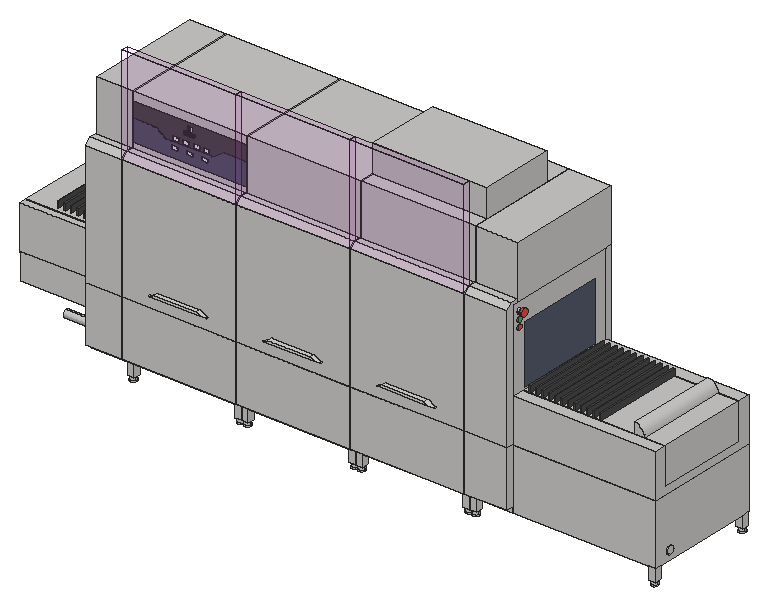
Revit family "QF_ELECTROLUXPROFESSIONAL_520707_EFTD052EL1U2D1M5L385", category Attrezzature speciali, Revit 2020
Family settings
  Quota connettore circolare = Usa diametro
  Tipo di parte = Normale
  Basato su piano di lavoro = No
  Sempre verticale = Sì
  Taglio con vuoti quando caricato = No
  Condiviso = No
  Punto di calcolo locali = No
Parameters (values of type "Standard")
  Weight = 890.00 kg
  Watts = 46500 W
  Volts = 380 V
  URL Manufacturer = "https://www.electroluxprofessional.com/"
  URL = "https://www.electroluxprofessional.com/"
  Steam Supply Size = 0 mm
  Steam Supply Minimum Pressure = 0.0 Pa
  Steam Supply Maximum Pressure = 0.0 Pa
  Steam Consumption per Hour = 0
  Show Logo [instance] = yes
  Show Clearance [instance] = yes
  Refrigeration Suction Line Size = 0 mm
  Refrigeration Liquid Line Size = 0 mm
  Refrigerant Compressor Remote = yes
  Prospetto di default = 0 mm
  Produttore = "Electrolux Professional"
  Phase = 3
  Modello = "EFTD052EL1U2D1M5L385"
  Length Actual = 4450 mm  # constant formula
  Item Number = "520707"
  Hot Water Size = 0 mm
  Height Actual = 1983 mm  # constant formula
  HP = "62.4 HP"
  Gas Size = 0 mm
  Gas KW = 0
  Gas Input Pressure = 0 W
  Direct Waste Size = 50.8 mm
  Descrizione = "FT, 1Tank, 5200D/H, El., 750mm loading, 1300mm unloading, 1Dryer, 55mm conveyor,L>R,380V50Hz3P"
  Depth Actual = 946 mm  # constant formula
  Cycle = 50 Hz
  Condensate Return Size = 0 mm
  Compressed Air Volume = 0.0 L/s
  Compressed Air Size = 0 mm
  Compressed Air Pressure = 0.0 Pa
  Cold Water Size = 0 mm
  Accessory = yes
Reference planes
  plane 1 "Centro (Fronte/Retro)": y = 0
  plane 2: z = 0
  plane 3 "Centro (Sinistra/Destra)": x = 0
  plane 4: z = 115
Forms (mm)
  Extrusion 1, solid, material "QF_Finishes_Stainless Steel"
    sketch origin (432.404, 2, 1806.023) x (1, 0, 0) y (0, 0, 1)
      loop
        line (407.596, -163.023) -> (407.596, -183.023) -> (427.596, -183.023) -> (427.596, -163.023) -> (407.596, -163.023)
    from 0 to 2
  Extrusion 2, solid, material "QF_Finishes_Stainless Steel"
    sketch origin (4455.617, -1522.464, 1290.159) x (0, 0, -1) y (0, -1, 0)
      loop
        circle (1102.159, -772.464) r 25
    from -9.383 to 5.617
  Extrusion 3, solid, material "QF_Finishes_Stainless Steel"
    sketch origin (1092.404, 2, 337.984) x (1, 0, 0) y (0, 0, 1)
      loop
        line (407.596, -163.023) -> (407.596, -183.023) -> (427.596, -183.023) -> (427.596, -163.023) -> (407.596, -163.023)
    from 0 to 2
  Extrusion 4, solid, material "QF_Finishes_Stainless Steel"
    sketch origin (1526.841, 200.464, 109.383) x (1, 0, 0) y (0, 1, 0)
      loop
        circle (1102.159, -772.464) r 10
    from -9.383 to 5.617
  Extrusion 5, solid, material "QF_Finishes_Stainless Steel"
    sketch origin (244.383, 22.464, 1290.159) x (0, 0, -1) y (0, 1, 0)
      loop
        circle (1102.159, -772.464) r 25
    from -9.383 to 255.617
  Extrusion 6, solid, material "QF_Finishes_Stainless Steel"
    sketch origin (1597.841, 200.464, 109.383) x (1, 0, 0) y (0, 1, 0)
      loop
        circle (1102.159, -772.464) r 10
    from -9.383 to 5.617
Dimensions and locks
  plane 4 to level = 115 mm
  aligned and locked: level to plane 2
Nested families
  nested 1: "MODULO_CENTER_800_FAN" at (2733.563, -388.258, 0), Show Clearance <- "Show Clearance", type "MODULO_CENTER_800_FAN"
    with Show Logo yes, Show Clearance yes, R_L no, L_R yes
  nested 2: "MODULO_CENTER_800" at (1133.563, -388.258, 0), Show Clearance <- "Show Clearance", type "MODULO_CENTER_800"
    with Show Logo yes, Show Clearance yes, R_L no, L_R yes
  nested 3: "MODULO_ENTRY_DISH_750" at (358.563, -388.258, 0), type "MODULO_ENTRY_DISH_750"
    with Show Logo yes, Show Clearance yes, R_L no, L_R yes
  nested 4: "MODULO_USCITA_DISH_1300" at (3508.563, -388.258, 0), type "MODULO_USCITA_DISH_1300"
    with Show Logo yes, Show Clearance yes, R_L yes, L_R no
  nested 5: "Piedino_Square_115H" at (4426.5, -73.5, 0) x (-1, 0, 0) z (0, 0, 1), type "Piedino_Square_115H"
  nested 6: "Piedino_Square_115H" at (4426.5, -838.5, 0) x (-1, 0, 0) z (0, 0, 1), type "Piedino_Square_115H"
  nested 7: "Piedino_Square_115H" at (3173.5, -73.5, 0) x (-1, 0, 0) z (0, 0, 1), type "Piedino_Square_115H"
  nested 8: "Piedino_Square_115H" at (3173.5, -838.5, 0) x (-1, 0, 0) z (0, 0, 1), type "Piedino_Square_115H"
  nested 9: "Piedino_Square_115H" at (1573.5, -838.5, 0), type "Piedino_Square_115H"
  nested 10: "Piedino_Square_115H" at (1573.5, -73.5, 0), type "Piedino_Square_115H"
  nested 11: "Piedino_Square_115H" at (2326.5, -838.5, 0), type "Piedino_Square_115H"
  nested 12: "Piedino_Square_115H" at (2326.5, -73.5, 0), type "Piedino_Square_115H"
  nested 13: "Piedino_Square_115H" at (2373.5, -838.5, 0) x (-1, 0, 0) z (0, 0, 1), type "Piedino_Square_115H"
  nested 14: "Piedino_Square_115H" at (2373.5, -73.5, 0) x (-1, 0, 0) z (0, 0, 1), type "Piedino_Square_115H"
  nested 15: "Piedino_Square_115H" at (3126.5, -838.5, 0) x (-1, 0, 0) z (0, 0, 1), type "Piedino_Square_115H"
  nested 16: "Piedino_Square_115H" at (3126.5, -73.5, 0) x (-1, 0, 0) z (0, 0, 1), type "Piedino_Square_115H"
  nested 17: "Piedino_Square_115H" at (773.5, -838.5, 0), type "Piedino_Square_115H"
  nested 18: "Piedino_Square_115H" at (773.5, -73.5, 0), type "Piedino_Square_115H"
  nested 19: "Piedino_Square_115H" at (1526.5, -838.5, 0), type "Piedino_Square_115H"
  nested 20: "Piedino_Square_115H" at (1526.5, -73.5, 0), type "Piedino_Square_115H"
  nested 21: "MANIGLIA_FLIGHT_400" at (1150, -912, 639.28) x (1, 0, 0) z (0, -1, 0), type "MANIGLIA_FLIGHT_400"
  nested 22: "MANIGLIA_FLIGHT_400" at (2750, -912, 639.28) x (1, 0, 0) z (0, -1, 0), type "MANIGLIA_FLIGHT_400"
  nested 23: "MANIGLIA_FLIGHT_400" at (1950, -912, 639.28) x (1, 0, 0) z (0, -1, 0), type "MANIGLIA_FLIGHT_400"
  nested 24: "MODULO_CENTER_800" at (1966.437, -388.258, 0) x (-1, 0, 0) z (0, 0, 1), Show Clearance <- "Show Clearance", type "MODULO_CENTER_800"
    with Show Logo yes, Show Clearance yes, R_L no, L_R yes
  nested 25: "Schermo_Flight_800" at (1150, -815, 1583) x (1, 0, 0) z (0, -1, 0), type "Schermo_Flight_800"
  nested 26: "ELX_LOGO_WORDS_WHITE" at (1150, -816.6, 1663) x (1, 0, 0) z (0, -1, 0), Show Logo <- "Show Logo", visible <- "Show Logo", type "ELX_LOGO_WORDS_WHITE"
    with Show Logo yes
  nested 27: "ELX_LOGO_MONO_SMALL_WHITE" at (1140.08, -816.6, 1649) x (-1, 0, 0) z (0, -1, 0), Show Logo <- "Show Logo", visible <- "Show Logo", type "ELX_LOGO_MONO_SMALL_WHITE"
    with Show Logo yes
Connectors
  electrical at (850, 2, 1633)
    settings: on Extrusion 1, index 69, voltage 0 V, apparent load 0 VA, apparent load phase1 0 VA, apparent load phase2 0 VA, apparent load phase3 0 VA, power factor 1, load classification "Altro", number of poles 1, system type 30, power factor state 1, is connector primary yes, connector utility no, sub classification motor no, connector description "EI"
  piping at (4465, -750, 188), diameter 50
    settings: on Extrusion 2, index 70, connector inside diameter 609.6 mm, connector length 0 mm, flow factor 0, pipe flow 0.0 L/s, pressure drop 0.0 Pa, fitting loss kfactor 0, connector angle 0.00°, fixture units 0, engagement length 0 mm, angle of deflection 0.00°, flow configuration 0, flow direction 0, fitting loss method 0, system type 29, joint type 0, gender type 0, connector reference index -1, connector utility 0, adjustable connector no, is connector primary yes, connector description "D"
  electrical at (1510, 2, 164.961)
    settings: on Extrusion 3, index 71, voltage 0 V, apparent load 0 VA, apparent load phase1 0 VA, apparent load phase2 0 VA, apparent load phase3 0 VA, power factor 1, load classification "Altro", number of poles 1, system type 30, power factor state 1, is connector primary no, connector utility no, sub classification motor no, connector description "EQ"
  piping at (2629, -572, 100), diameter 19.1
    settings: on Extrusion 4, index 72, connector inside diameter 609.6 mm, connector length 0 mm, flow factor 0, pipe flow 0.0 L/s, pressure drop 0.0 Pa, fitting loss kfactor 0, connector angle 0.00°, fixture units 0, engagement length 0 mm, angle of deflection 0.00°, flow configuration 0, flow direction 0, fitting loss method 0, system type 29, joint type 0, gender type 0, connector reference index -1, connector utility 0, adjustable connector no, is connector primary no, connector description "HWI/CWI"
  piping at (235, -750, 188), diameter 50
    settings: on Extrusion 5, index 73, connector inside diameter 609.6 mm, connector length 0 mm, flow factor 0, pipe flow 0.0 L/s, pressure drop 0.0 Pa, fitting loss kfactor 0, connector angle 0.00°, fixture units 0, engagement length 0 mm, angle of deflection 0.00°, flow configuration 0, flow direction 0, fitting loss method 0, system type 29, joint type 0, gender type 0, connector reference index -1, connector utility 0, adjustable connector no, is connector primary no, connector description "D"
  piping at (2700, -572, 100), diameter 19.1
    settings: on Extrusion 6, index 74, connector inside diameter 609.6 mm, connector length 0 mm, flow factor 0, pipe flow 0.0 L/s, pressure drop 0.0 Pa, fitting loss kfactor 0, connector angle 0.00°, fixture units 0, engagement length 0 mm, angle of deflection 0.00°, flow configuration 0, flow direction 0, fitting loss method 0, system type 29, joint type 0, gender type 0, connector reference index -1, connector utility 0, adjustable connector no, is connector primary no, connector description "HWI/CWI"
Definition of nested family "MODULO_CENTER_800_FAN"
  Parameters (values of type "MODULO_CENTER_800_FAN")
    URL = "http://professional.electrolux.com"
    Show Logo [instance] = yes
    R_L [instance] = not(L_R)  # no
    Default Elevation = 0 mm
    Manufacturer = "Electrolux"
    Model = "ESR10E5"
    Length Actual = 800 mm
    Show Clearance [instance] = yes
    L_R [instance] = yes
    Height Actual = 1792 mm
    Description = "SINGLE RINSE RT, 100R/H, ELECTRIC 50HZ"
    Depth Actual = 912 mm
  Reference planes
    plane 1 "Center X": y = -67.742
    plane 2: z = 0
    plane 3 "LEFT": x = -383.563
    plane 4 "RIGHT": x = 416.437
    plane 5 "BACK": y = 388.258
    plane 6 "FEET": z = 115
    plane 7: z = 2092
    plane 8 "TOP": z = 1792
    plane 9 "FRONT": y = -523.742
    plane 10 "Left/Right": x = 16.437
    plane 11 "TopVent": z = 1983
  Forms (mm)
    Extrusion 1, solid
      sketch origin (416.437, 479.936, 4000) x (0, 1, 0) y (0, 0, 1)
        loop
          line (-91.678, -2208) -> (-906.678, -2208) -> (-906.678, -2580) -> (-91.678, -2580) -> (-91.678, -2208)
      from -800 to 0
    Extrusion 2, solid
      sketch origin (-383.563, 437.565, 3910) x (0, 1, 0) y (0, 0, 1)
        loop
          line (-99.307, -2490) -> (-911.307, -2490) -> (-911.307, -3552) -> (-99.307, -3552) -> (-99.307, -2490)
      from 800 to 0
    Extrusion 3, solid
      sketch origin (416.437, 479.936, 4299) x (0, 1, 0) y (0, 0, 1)
        loop
          line (-278.21, -2316) -> (-803.678, -2316) -> (-803.678, -2507) -> (-278.21, -2507) -> (-278.21, -2316)
      from -800 to 0
    Extrusion 4, solid
      sketch origin (16.437, 0, 1.5) x (0, 0, 1) y (0, -1, 0)
        loop
          line (356.5, -338.258) -> (356.5, 473.742) -> (113.5, 473.742) -> (113.5, -338.258) -> (356.5, -338.258)
      from 400 to -400
    Extrusion 5, solid
      sketch origin (16.437, 0, 0) x (0, 0, 1) y (0, -1, 0)
        loop
          line (1420, -338.258) -> (545, -338.258) -> (545, -388.258) -> (1420, -388.258) -> (1420, -338.258)
      from -400 to 400
    Extrusion 6, solid
      sketch origin (16.437, 0, 0) x (0, 0, 1) y (0, -1, 0)
        loop
          line (545, -388.258) -> (545, -338.258) -> (154, -338.258) -> (154, -388.258) -> (545, -388.258)
      from -400 to 400
    Extrusion 7, solid
      sketch origin (16.437, -882.484, -150) x (0, -1, 0) y (0, 0, 1)
        loop
          line (-358.742, 304) -> (-358.742, 695) -> (-408.742, 695) -> (-408.742, 304) -> (-358.742, 304)
      from -400 to 400
    Extrusion 8, solid
      sketch origin (16.437, -882.484, -151) x (0, -1, 0) y (0, 0, 1)
        loop
          line (-408.742, 1571) -> (-408.742, 696) -> (-358.742, 696) -> (-358.742, 1556) -> (-395.742, 1593) -> (-443.742, 1593) -> (-443.742, 1571) -> (-408.742, 1571)
      from -400 to 400
    Extrusion 9, solid, visible <- "Show Clearance"
      sketch origin (16.437, -882.484, 452) x (0, -1, 0) y (0, 0, 1)
        loop
          line (-408.742, 1640) -> (-408.742, 953.624) -> (-358.742, 953.624) -> (-358.742, 1640) -> (-408.742, 1640)
      from -400 to 400
  Dimensions and locks
    plane 3 "LEFT" to plane 4 "RIGHT" = 800 mm
    plane 5 "BACK" to plane 1 "Center X" to plane 9 "FRONT" = 456 mm, 456 mm
    plane 6 "FEET" to level = 115 mm  (x2)
    plane 6 "FEET" to plane 8 "TOP" = 1677 mm
    plane 5 "BACK" to plane 9 "FRONT" = 912 mm  (x2)
    plane 4 "RIGHT" to plane 3 "LEFT" = 800 mm
    plane 9 "FRONT" to plane 5 "BACK" = 912 mm
    level to plane 8 "TOP" = 1792 mm  (x2)
    plane 7 to level = 2092 mm
    plane 11 "TopVent" to plane 2 = 1983 mm
    plane 7 to plane 2 = 2092 mm
    Extrusion 2 to level = 1420 mm
    Extrusion 8 to level = 1442 mm
    plane 11 "TopVent" to level = 1983 mm
    aligned and locked: level to plane 2
Definition of nested family "MODULO_CENTER_800"
  Parameters (values of type "MODULO_CENTER_800")
    URL = "http://professional.electrolux.com"
    Show Logo [instance] = yes
    R_L [instance] = not(L_R)  # no
    Default Elevation = 0 mm
    Manufacturer = "Electrolux"
    Model = "ESR10E5"
    Length Actual = 800 mm
    Show Clearance [instance] = yes
    L_R [instance] = yes
    Height Actual = 1792 mm
    Description = "SINGLE RINSE RT, 100R/H, ELECTRIC 50HZ"
    Depth Actual = 912 mm
  Reference planes
    plane 1 "Center X": y = -67.742
    plane 2: z = 0
    plane 3 "LEFT": x = -383.563
    plane 4 "RIGHT": x = 416.437
    plane 5 "BACK": y = 388.258
    plane 6 "FEET": z = 115
    plane 7: z = 2092
    plane 8 "TOP": z = 1792
    plane 9 "FRONT": y = -523.742
    plane 10 "Left/Right": x = 16.437
  Forms (mm)
    Extrusion 1, solid
      sketch origin (416.437, 479.936, 4000) x (0, 1, 0) y (0, 0, 1)
        loop
          line (-91.678, -2208) -> (-906.678, -2208) -> (-906.678, -2580) -> (-91.678, -2580) -> (-91.678, -2208)
      from -800 to 0
    Extrusion 2, solid
      sketch origin (-383.563, 437.565, 3915) x (0, 1, 0) y (0, 0, 1)
        loop
          line (-99.307, -2495) -> (-911.307, -2495) -> (-911.307, -3557) -> (-99.307, -3557) -> (-99.307, -2495)
      from 800 to 0
    Extrusion 3, solid
      sketch origin (16.437, 0, 1.5) x (0, 0, 1) y (0, -1, 0)
        loop
          line (356.5, -338.258) -> (356.5, 473.742) -> (113.5, 473.742) -> (113.5, -338.258) -> (356.5, -338.258)
      from 400 to -400
    Extrusion 4, solid
      sketch origin (16.437, 0, 0) x (0, 0, 1) y (0, -1, 0)
        loop
          line (1420, -338.258) -> (545, -338.258) -> (545, -388.258) -> (1420, -388.258) -> (1420, -338.258)
      from -400 to 400
    Extrusion 5, solid
      sketch origin (16.437, 0, 0) x (0, 0, 1) y (0, -1, 0)
        loop
          line (545, -388.258) -> (545, -338.258) -> (154, -338.258) -> (154, -388.258) -> (545, -388.258)
      from -400 to 400
    Extrusion 6, solid
      sketch origin (16.437, -882.484, -150) x (0, -1, 0) y (0, 0, 1)
        loop
          line (-358.742, 304) -> (-358.742, 695) -> (-408.742, 695) -> (-408.742, 304) -> (-358.742, 304)
      from -400 to 400
    Extrusion 7, solid
      sketch origin (16.437, -882.484, -151) x (0, -1, 0) y (0, 0, 1)
        loop
          line (-408.742, 1571) -> (-408.742, 696) -> (-358.742, 696) -> (-358.742, 1556) -> (-395.742, 1593) -> (-443.742, 1593) -> (-443.742, 1571) -> (-408.742, 1571)
      from -400 to 400
    Extrusion 8, solid, visible <- "Show Clearance"
      sketch origin (16.437, -882.484, 452) x (0, -1, 0) y (0, 0, 1)
        loop
          line (-408.742, 1640) -> (-408.742, 953.624) -> (-358.742, 953.624) -> (-358.742, 1640) -> (-408.742, 1640)
      from -400 to 400
  Dimensions and locks
    plane 3 "LEFT" to plane 4 "RIGHT" = 800 mm
    plane 5 "BACK" to plane 1 "Center X" to plane 9 "FRONT" = 456 mm, 456 mm
    plane 6 "FEET" to level = 115 mm  (x2)
    plane 6 "FEET" to plane 8 "TOP" = 1677 mm
    plane 5 "BACK" to plane 9 "FRONT" = 912 mm  (x2)
    plane 4 "RIGHT" to plane 3 "LEFT" = 800 mm
    plane 9 "FRONT" to plane 5 "BACK" = 912 mm
    level to plane 8 "TOP" = 1792 mm  (x2)
    plane 7 to level = 2092 mm
    plane 7 to plane 2 = 2092 mm
    Extrusion 2 to level = 1420 mm
    Extrusion 7 to level = 1442 mm
    aligned and locked: level to plane 2
Definition of nested family "MODULO_ENTRY_DISH_750"
  Parameters (values of type "MODULO_ENTRY_DISH_750")
    URL = "http://professional.electrolux.com"
    Show Logo [instance] = yes
    R_L [instance] = not(L_R)  # no
    Default Elevation = 0 mm
    Manufacturer = "Electrolux"
    Model = "ESR10E5"
    Length Actual = 800 mm
    Show Clearance [instance] = yes
    L_R [instance] = yes
    Height Actual = 1792 mm
    Description = "SINGLE RINSE RT, 100R/H, ELECTRIC 50HZ"
    Depth Actual = 912 mm
  Reference planes
    plane 1 "Center (Front/Back)": y = -67.742
    plane 2: z = 0
    plane 3 "LEFT": x = -358.563
    plane 4 "RIGHT": x = 391.437
    plane 5 "BACK": y = 388.258
    plane 6 "FRONT": y = -523.742
    plane 7 "Left/Right": x = 16.437
    plane 8 "BUTTONS": y = -427.742
    plane 9: z = 115
    plane 10 "2": y = 292.258
  Forms (mm)
    Extrusion 1, solid, visible <- "L_R"
      sketch origin (391.437, 479.936, 4000) x (0, 1, 0) y (0, 0, 1)
        loop
          line (-91.678, -2208) -> (-906.678, -2208) -> (-906.678, -2580) -> (-91.678, -2580) -> (-91.678, -2208)
      from -250 to 0
    Extrusion 2, solid
      sketch origin (-358.563, 437.565, 3910) x (0, 1, 0) y (0, 0, 1)
        loop
          line (-99.307, -2490) -> (-911.307, -2490) -> (-911.307, -3552) -> (-99.307, -3552) -> (-99.307, -2490)
      from 750 to 500
    Extrusion 3, solid
      sketch origin (-358.563, 437.565, 3910) x (0, 1, 0) y (0, 0, 1)
        loop
          line (-99.307, -3365) -> (-99.307, -3060) -> (-149.307, -3060) -> (-149.307, -3315) -> (-861.307, -3315) -> (-861.307, -3060) -> (-911.307, -3060) -> (-911.307, -3365) -> (-99.307, -3365)
      from 500 to 0
    Extrusion 4, solid
      sketch origin (16.437, 0, -4.987) x (0, 0, 1) y (0, -1, 0)
        loop
          line (362.987, -338.258) -> (362.987, 473.742) -> (119.987, 473.742) -> (119.987, -338.258) -> (362.987, -338.258)
      from 375 to 125
    Extrusion 5, solid, visible <- "L_R"
      sketch origin (16.437, 0, 0) x (0, 0, 1) y (0, -1, 0)
        loop
          line (1420, -338.258) -> (545, -338.258) -> (545, -388.258) -> (1420, -388.258) -> (1420, -338.258)
      from 125 to 375
    Extrusion 6, solid
      sketch origin (16.437, 0, 0) x (0, 0, 1) y (0, -1, 0)
        loop
          line (545, -388.258) -> (545, -338.258) -> (154, -338.258) -> (154, -388.258) -> (545, -388.258)
      from 125 to 375
    Extrusion 7, solid
      sketch origin (-358.563, 437.565, 3607.258) x (0, 1, 0) y (0, 0, 1)
        loop
          line (-99.307, -3249.258) -> (-99.307, -3062.258) -> (-911.307, -3062.258) -> (-911.307, -3249.258) -> (-99.307, -3249.258)
      from 500 to 0
    Extrusion 8, solid
      sketch origin (-358.563, 437.565, 4000) x (0, 1, 0) y (0, 0, 1)
        loop
          line (-149.307, -3150) -> (-861.307, -3150) -> (-861.307, -3405) -> (-149.307, -3405) -> (-149.307, -3150)
      from 0 to 500
    Extrusion 9, solid
      sketch origin (266.437, -882.484, -150) x (0, -1, 0) y (0, 0, 1)
        loop
          line (-358.742, 304) -> (-358.742, 695) -> (-408.742, 695) -> (-408.742, 304) -> (-358.742, 304)
      from -125 to 125
    Extrusion 10, solid, visible <- "L_R"
      sketch origin (266.437, -882.484, -151) x (0, -1, 0) y (0, 0, 1)
        loop
          line (-408.742, 1571) -> (-408.742, 696) -> (-358.742, 696) -> (-358.742, 1556) -> (-395.742, 1593) -> (-443.742, 1593) -> (-443.742, 1571) -> (-408.742, 1571)
      from -125 to 125
    Extrusion 11, solid
      sketch origin (-358.563, 437.565, 4000) x (0, 1, 0) y (0, 0, 1)
        loop
          line (-199.307, -2725.701) -> (-811.307, -2725.701) -> (-811.307, -3137.701) -> (-199.307, -3137.701) -> (-199.307, -2725.701)
      from 495.458 to 500
    Extrusion 12, solid, visible <- "R_L"
      sketch origin (266.437, 747, -151) x (0, 1, 0) y (0, 0, -1)
        loop
          line (-408.742, -1571) -> (-443.742, -1571) -> (-443.742, -1593) -> (-395.742, -1593) -> (-358.742, -1556) -> (-358.742, -696) -> (-408.742, -696) -> (-408.742, -1571)
      from -125 to 125
    Extrusion 13, solid, visible <- "R_L"
      sketch origin (16.437, -135.484, 0) x (0, 0, 1) y (0, -1, 0)
        loop
          line (1420, 338.258) -> (1420, 388.258) -> (545, 388.258) -> (545, 338.258) -> (1420, 338.258)
      from 125 to 375
    Extrusion 14, solid, visible <- "R_L"
      sketch origin (391.437, -615.42, 4000) x (0, -1, 0) y (0, 0, -1)
        loop
          line (-91.678, 2208) -> (-91.678, 2580) -> (-906.678, 2580) -> (-906.678, 2208) -> (-91.678, 2208)
      from -250 to 0
    Extrusion 15, solid
      sketch origin (-191.477, -192.742, -3) x (-1, 0, 0) y (0, 0, 1)
        loop
          line (-26.676, 853) -> (-26.676, 898) -> (-36.676, 898) -> (-36.676, 853) -> (-26.676, 853)
      from -196 to 446
    Extrusion 16, solid
      sketch origin (-146.477, -192.742, -3) x (-1, 0, 0) y (0, 0, 1)
        loop
          line (-26.676, 853) -> (-26.676, 898) -> (-36.676, 898) -> (-36.676, 853) -> (-26.676, 853)
      from -196 to 446
    Extrusion 17, solid
      sketch origin (-101.477, -192.742, -3) x (-1, 0, 0) y (0, 0, 1)
        loop
          line (-26.676, 853) -> (-26.676, 898) -> (-36.676, 898) -> (-36.676, 853) -> (-26.676, 853)
      from -196 to 446
    Extrusion 18, solid
      sketch origin (-56.477, -192.742, -3) x (-1, 0, 0) y (0, 0, 1)
        loop
          line (-26.676, 853) -> (-26.676, 898) -> (-36.676, 898) -> (-36.676, 853) -> (-26.676, 853)
      from -196 to 446
    Extrusion 19, solid
      sketch origin (-11.477, -192.742, -3) x (-1, 0, 0) y (0, 0, 1)
        loop
          line (-26.676, 853) -> (-26.676, 898) -> (-36.676, 898) -> (-36.676, 853) -> (-26.676, 853)
      from -196 to 446
    Extrusion 20, solid
      sketch origin (33.523, -192.742, -3) x (-1, 0, 0) y (0, 0, 1)
        loop
          line (-26.676, 853) -> (-26.676, 898) -> (-36.676, 898) -> (-36.676, 853) -> (-26.676, 853)
      from -196 to 446
  Dimensions and locks
    plane 3 "LEFT" to plane 4 "RIGHT" = 750 mm
    plane 5 "BACK" to plane 1 "Center (Front/Back)" to plane 6 "FRONT" = 456 mm, 456 mm
    plane 5 "BACK" to plane 6 "FRONT" = 912 mm  (x2)
    plane 4 "RIGHT" to plane 3 "LEFT" = 750 mm  (x2)
    plane 6 "FRONT" to plane 5 "BACK" = 912 mm
    plane 9 to level = 115 mm
    Extrusion 1 to level = 1792 mm
    Extrusion 3 to level = 850 mm
    aligned and locked: level to plane 2
  Nested families
    nested 1: "BOTTONE_RED_STOP" at (141.437, -427.742, 1266.906) x (0, -1, 0) z (-1, 0, 0), visible <- "L_R", type "BOTTONE_RED_STOP"
    nested 2: "BOTTONE_EMERGENCY_STOP" at (141.437, -427.742, 1370) x (0, -1, 0) z (-1, 0, 0), visible <- "L_R", type "BOTTONE_EMERGENCY_STOP"
    nested 3: "BOTTONE_GREEN_START" at (141.437, -427.742, 1316.906) x (0, -1, 0) z (-1, 0, 0), visible <- "L_R", type "BOTTONE_GREEN_START"
    nested 4: "BOTTONE_RED_STOP" at (141.437, 292.258, 1267.906) x (0, 1, 0) z (-1, 0, 0), visible <- "R_L", type "BOTTONE_RED_STOP"
    nested 5: "BOTTONE_EMERGENCY_STOP" at (141.437, 292.258, 1371) x (0, 1, 0) z (-1, 0, 0), visible <- "R_L", type "BOTTONE_EMERGENCY_STOP"
    nested 6: "BOTTONE_GREEN_START" at (141.437, 292.258, 1317.906) x (0, 1, 0) z (-1, 0, 0), visible <- "R_L", type "BOTTONE_GREEN_START"
  Definition of nested family "BOTTONE_RED_STOP"
    Parameters (values of type "BOTTONE_RED_STOP")
      Default Elevation = 1219.2 mm
    Reference planes
      plane 1 "Centro (Fronte/Retro)": y = 0
      plane 2: z = 0
      plane 3 "Centro (Sinistra/Destra)": x = 0
    Forms (mm)
      Extrusion 1, solid
        sketch origin (0, 0, 0) x (1, 0, 0) y (0, 1, 0)
          loop
            line (-1219.2, 1219.2) -> (-1219.2, -1219.2) -> (1219.2, -1219.2) -> (1219.2, 1219.2) -> (-1219.2, 1219.2)
        from 0 to -304.8
      Extrusion 2, solid
        sketch origin (-367.513, 69.533, 15) x (-1, 0, 0) y (0, 1, 0)
          loop
            circle (-367.513, -69.533) r 15
        from 0 to 15
    Dimensions and locks
      aligned and locked: plane 2 to Extrusion 1
      aligned and locked: level to Extrusion 1
  Definition of nested family "BOTTONE_EMERGENCY_STOP"
    Parameters
      Default Elevation = 1219.2 mm
    Reference planes
      plane 1 "Centro (Fronte/Retro)": y = 0
      plane 2: z = 0
      plane 3 "Centro (Sinistra/Destra)": x = 0
    Forms (mm)
      Extrusion 1, solid
        sketch origin (0, 0, 0) x (1, 0, 0) y (0, 1, 0)
          loop
            line (-1219.2, 1219.2) -> (-1219.2, -1219.2) -> (1219.2, -1219.2) -> (1219.2, 1219.2) -> (-1219.2, 1219.2)
        from 0 to -304.8
      Extrusion 2, solid
        sketch origin (0, 0, 0) x (1, 0, 0) y (0, 1, 0)
          loop
            circle (0, 0) r 15
        from 0 to 20.273
      Blend 3, solid
        base sketch origin (-49.801, 0, 0) x (1, 0, 0) y (0, 1, 0)
          loop
            circle (49.801, 0) r 15
        top sketch origin (-49.801, 0, 0) x (1, 0, 0) y (0, 1, 0)
          loop
            circle (49.801, 0) r 25
        from 20.273 to 47.605
    Dimensions and locks
      aligned and locked: plane 2 to Extrusion 1
      aligned and locked: level to Extrusion 1
  Definition of nested family "BOTTONE_GREEN_START"
    Parameters (values of type "BOTTONE_GREEN_START")
      Default Elevation = 1219.2 mm
    Reference planes
      plane 1 "Centro (Fronte/Retro)": y = 0
      plane 2: z = 0
      plane 3 "Centro (Sinistra/Destra)": x = 0
    Forms (mm)
      Extrusion 1, solid
        sketch origin (0, 0, 0) x (1, 0, 0) y (0, 1, 0)
          loop
            line (-1219.2, 1219.2) -> (-1219.2, -1219.2) -> (1219.2, -1219.2) -> (1219.2, 1219.2) -> (-1219.2, 1219.2)
        from 0 to -304.8
      Extrusion 2, solid
        sketch origin (-367.513, 69.533, 15) x (-1, 0, 0) y (0, 1, 0)
          loop
            circle (-367.513, -69.533) r 15
        from 0 to 15
    Dimensions and locks
      aligned and locked: plane 2 to Extrusion 1
      aligned and locked: level to Extrusion 1
Definition of nested family "MODULO_USCITA_DISH_1300"
  Parameters (values of type "MODULO_USCITA_DISH_1300")
    URL = "http://professional.electrolux.com"
    Show Logo [instance] = yes
    R_L [instance] = not(L_R)  # yes
    Default Elevation = 0 mm
    Manufacturer = "Electrolux"
    Model = "ESR10E5"
    Length Actual = 800 mm
    Show Clearance [instance] = yes
    L_R [instance] = no
    Height Actual = 1792 mm
    Description = "SINGLE RINSE RT, 100R/H, ELECTRIC 50HZ"
    Depth Actual = 912 mm
  Reference planes
    plane 1 "Center (Front/Back)": y = -67.742
    plane 2: z = 0
    plane 3 "LEFT": x = -358.563
    plane 4 "BACK": y = 388.258
    plane 5 "FEET": z = 115
    plane 6 "TOP": z = 1792
    plane 7 "FRONT": y = -523.742
    plane 8 "Left/Right": x = 16.437
    plane 9: x = -358.563
    plane 10: y = -427.742
    plane 11 "RIGHT": x = 941.437
  Forms (mm)
    Extrusion 1, solid, visible <- "R_L"
      sketch origin (-358.563, 479.936, 4003) x (0, 1, 0) y (0, 0, -1)
        loop
          line (-91.678, 2211) -> (-91.678, 2583) -> (-906.678, 2583) -> (-906.678, 2211) -> (-91.678, 2211)
      from -300 to 0
    Extrusion 2, solid
      sketch origin (-358.563, 437.565, 4003) x (0, 1, 0) y (0, 0, 1)
        loop
          line (-99.307, -3458) -> (-911.307, -3458) -> (-911.307, -3888) -> (-99.307, -3888) -> (-99.307, -3458)
      from 300 to 0
    Extrusion 3, solid
      sketch origin (-358.563, 479.936, 4003) x (0, 1, 0) y (0, 0, -1)
        loop
          line (-141.678, 2583) -> (-141.678, 3458) -> (-953.678, 3458) -> (-953.678, 2583) -> (-141.678, 2583)
      from -300 to 0
    Extrusion 4, solid
      sketch origin (391.437, 437.565, 3913) x (0, 1, 0) y (0, 0, -1)
        loop
          line (-99.307, 3368) -> (-911.307, 3368) -> (-911.307, 3063) -> (-826.307, 3063) -> (-826.307, 3318) -> (-184.307, 3318) -> (-184.307, 3063) -> (-99.307, 3063) -> (-99.307, 3368)
      from 450 to -550
    Extrusion 5, solid, visible <- "R_L"
      sketch origin (16.437, 0, 3) x (0, 0, 1) y (0, 1, 0)
        loop
          line (1417, 338.258) -> (1417, 388.258) -> (542, 388.258) -> (542, 338.258) -> (1417, 338.258)
      from 75 to 375
    Extrusion 6, solid
      sketch origin (16.437, 0, 3) x (0, 0, 1) y (0, 1, 0)
        loop
          line (542, 388.258) -> (151, 388.258) -> (151, 338.258) -> (542, 338.258) -> (542, 388.258)
      from 75 to 375
    Extrusion 7, solid
      sketch origin (391.437, 437.565, 3610.258) x (0, 1, 0) y (0, 0, -1)
        loop
          line (-99.307, 3495.258) -> (-911.307, 3495.258) -> (-911.307, 3065.258) -> (-99.307, 3065.258) -> (-99.307, 3495.258)
      from 450 to -550
    Extrusion 8, solid
      sketch origin (991.437, 0, 3) x (0, 1, 0) y (0, 0, 1)
        loop
          line (253.258, 847) -> (-388.742, 847) -> (-388.742, 592) -> (253.258, 592) -> (253.258, 847)
      from -50 to -1050
    Extrusion 9, solid
      sketch origin (-358.563, 437.565, 3928) x (0, 1, 0) y (0, 0, 1)
        loop
          line (-811.307, -3065.701) -> (-199.307, -3065.701) -> (-199.307, -2653.701) -> (-811.307, -2653.701) -> (-811.307, -3065.701)
      from 300 to 304.77
    Extrusion 10, solid
      sketch origin (-208.563, -115, -147) x (0, 1, 0) y (0, 0, 1)
        loop
          line (-358.742, 301) -> (-358.742, 692) -> (-408.742, 692) -> (-408.742, 301) -> (-358.742, 301)
      from -150 to 150
    Extrusion 11, solid, visible <- "R_L"
      sketch origin (-208.563, -882.484, -151) x (0, -1, 0) y (0, 0, 1)
        loop
          line (-408.742, 1571) -> (-408.742, 696) -> (-358.742, 696) -> (-358.742, 1556) -> (-395.742, 1593) -> (-443.742, 1593) -> (-443.742, 1571) -> (-408.742, 1571)
      from -150 to 150
    Extrusion 12, solid
      sketch origin (-39.574, -192.742, -3) x (-1, 0, 0) y (0, 0, 1)
        loop
          line (-26.676, 853) -> (-26.676, 898) -> (-36.676, 898) -> (-36.676, 853) -> (-26.676, 853)
      from -196 to 446
    Extrusion 13, solid
      sketch origin (5.426, -192.742, -3) x (-1, 0, 0) y (0, 0, 1)
        loop
          line (-26.676, 853) -> (-26.676, 898) -> (-36.676, 898) -> (-36.676, 853) -> (-26.676, 853)
      from -196 to 446
    Extrusion 14, solid
      sketch origin (50.426, -192.742, -3) x (-1, 0, 0) y (0, 0, 1)
        loop
          line (-26.676, 853) -> (-26.676, 898) -> (-36.676, 898) -> (-36.676, 853) -> (-26.676, 853)
      from -196 to 446
    Extrusion 15, solid
      sketch origin (95.426, -192.742, -3) x (-1, 0, 0) y (0, 0, 1)
        loop
          line (-26.676, 853) -> (-26.676, 898) -> (-36.676, 898) -> (-36.676, 853) -> (-26.676, 853)
      from -196 to 446
    Extrusion 16, solid
      sketch origin (140.426, -192.742, -3) x (-1, 0, 0) y (0, 0, 1)
        loop
          line (-26.676, 853) -> (-26.676, 898) -> (-36.676, 898) -> (-36.676, 853) -> (-26.676, 853)
      from -196 to 446
    Extrusion 17, solid
      sketch origin (185.426, -192.742, -3) x (-1, 0, 0) y (0, 0, 1)
        loop
          line (-26.676, 853) -> (-26.676, 898) -> (-36.676, 898) -> (-36.676, 853) -> (-26.676, 853)
      from -196 to 446
    Extrusion 18, solid
      sketch origin (230.426, -192.742, -3) x (-1, 0, 0) y (0, 0, 1)
        loop
          line (-26.676, 853) -> (-26.676, 898) -> (-36.676, 898) -> (-36.676, 853) -> (-26.676, 853)
      from -196 to 446
    Extrusion 19, solid
      sketch origin (275.426, -192.742, -3) x (-1, 0, 0) y (0, 0, 1)
        loop
          line (-26.676, 853) -> (-26.676, 898) -> (-36.676, 898) -> (-36.676, 853) -> (-26.676, 853)
      from -196 to 446
    Revolve 20, solid
      sketch origin (295, 0, 850) x (1, 0, 0) y (0, 1, 0)
        loop
          line (430.204, 253.258) -> (430.204, -388.742) -> (502.335, -388.742) -> (502.335, 253.258) -> (430.204, 253.258)
        axis (430.204, 253.258) -> (430.204, -388.742)
      angle from 0 to -90
    Extrusion 21, solid, visible <- "L_R"
      sketch origin (-208.563, 747, -151) x (0, 1, 0) y (0, 0, -1)
        loop
          line (-408.742, -1571) -> (-443.742, -1571) -> (-443.742, -1593) -> (-395.742, -1593) -> (-358.742, -1556) -> (-358.742, -696) -> (-408.742, -696) -> (-408.742, -1571)
      from -150 to 150
    Extrusion 22, solid, visible <- "L_R"
      sketch origin (16.437, -135.484, 3) x (0, 0, 1) y (0, 1, 0)
        loop
          line (1417, -338.258) -> (542, -338.258) -> (542, -388.258) -> (1417, -388.258) -> (1417, -338.258)
      from 75 to 375
    Extrusion 23, solid, visible <- "L_R"
      sketch origin (-358.563, -615.42, 4003) x (0, -1, 0) y (0, 0, 1)
        loop
          line (-91.678, -2211) -> (-906.678, -2211) -> (-906.678, -2583) -> (-91.678, -2583) -> (-91.678, -2211)
      from -300 to 0
    Extrusion 24, solid
      sketch origin (320.426, -192.742, -3) x (-1, 0, 0) y (0, 0, 1)
        loop
          line (-26.676, 853) -> (-26.676, 898) -> (-36.676, 898) -> (-36.676, 853) -> (-26.676, 853)
      from -196 to 446
    Extrusion 25, solid
      sketch origin (365.426, -192.742, -3) x (-1, 0, 0) y (0, 0, 1)
        loop
          line (-26.676, 853) -> (-26.676, 898) -> (-36.676, 898) -> (-36.676, 853) -> (-26.676, 853)
      from -196 to 446
    Extrusion 26, solid
      sketch origin (410.426, -192.742, -3) x (-1, 0, 0) y (0, 0, 1)
        loop
          line (-26.676, 853) -> (-26.676, 898) -> (-36.676, 898) -> (-36.676, 853) -> (-26.676, 853)
      from -196 to 446
    Extrusion 27, solid
      sketch origin (455.426, -192.742, -3) x (-1, 0, 0) y (0, 0, 1)
        loop
          line (-26.676, 853) -> (-26.676, 898) -> (-36.676, 898) -> (-36.676, 853) -> (-26.676, 853)
      from -196 to 446
  Dimensions and locks
    plane 4 "BACK" to plane 1 "Center (Front/Back)" to plane 7 "FRONT" = 456 mm, 456 mm
    plane 5 "FEET" to level = 115 mm  (x2)
    plane 4 "BACK" to plane 7 "FRONT" = 912 mm  (x2)
    plane 7 "FRONT" to plane 4 "BACK" = 912 mm
    level to plane 6 "TOP" = 1792 mm
    plane 3 "LEFT" to plane 8 "Left/Right" = 375 mm
    plane 8 "Left/Right" to plane 11 "RIGHT" = 925 mm
    plane 3 "LEFT" to plane 11 "RIGHT" = 1300 mm
    plane 9 to plane 11 "RIGHT" = 1300 mm
    plane 6 "TOP" to level = 1792 mm
    aligned and locked: level to plane 2
  Nested families
    nested 1: "BOTTONE_EMERGENCY_STOP" at (-58.563, -427.742, 1369) x (0, -1, 0) z (1, 0, 0), visible <- "R_L", type "BOTTONE_EMERGENCY_STOP"
    nested 2: "BOTTONE_GREEN_START" at (-58.563, -427.742, 1315.906) x (0, -1, 0) z (1, 0, 0), visible <- "R_L", type "BOTTONE_GREEN_START"
    nested 3: "BOTTONE_RED_STOP" at (-58.563, -427.742, 1265.906) x (0, -1, 0) z (1, 0, 0), visible <- "R_L", type "BOTTONE_RED_STOP"
    nested 4: "BOTTONE_EMERGENCY_STOP" at (-58.563, 292.258, 1369) x (0, 1, 0) z (1, 0, 0), visible <- "L_R", type "BOTTONE_EMERGENCY_STOP"
    nested 5: "BOTTONE_GREEN_START" at (-58.563, 292.258, 1315.906) x (0, 1, 0) z (1, 0, 0), visible <- "L_R", type "BOTTONE_GREEN_START"
    nested 6: "BOTTONE_RED_STOP" at (-58.563, 292.258, 1265.906) x (0, 1, 0) z (1, 0, 0), visible <- "L_R", type "BOTTONE_RED_STOP"
  Definition of nested family "BOTTONE_EMERGENCY_STOP"
    Parameters
      Default Elevation = 1219.2 mm
    Reference planes
      plane 1 "Centro (Fronte/Retro)": y = 0
      plane 2: z = 0
      plane 3 "Centro (Sinistra/Destra)": x = 0
    Forms (mm)
      Extrusion 1, solid
        sketch origin (0, 0, 0) x (1, 0, 0) y (0, 1, 0)
          loop
            line (-1219.2, 1219.2) -> (-1219.2, -1219.2) -> (1219.2, -1219.2) -> (1219.2, 1219.2) -> (-1219.2, 1219.2)
        from 0 to -304.8
      Extrusion 2, solid
        sketch origin (0, 0, 0) x (1, 0, 0) y (0, 1, 0)
          loop
            circle (0, 0) r 15
        from 0 to 20.273
      Blend 3, solid
        base sketch origin (-49.801, 0, 0) x (1, 0, 0) y (0, 1, 0)
          loop
            circle (49.801, 0) r 15
        top sketch origin (-49.801, 0, 0) x (1, 0, 0) y (0, 1, 0)
          loop
            circle (49.801, 0) r 25
        from 20.273 to 47.605
    Dimensions and locks
      aligned and locked: plane 2 to Extrusion 1
      aligned and locked: level to Extrusion 1
  Definition of nested family "BOTTONE_GREEN_START"
    Parameters (values of type "BOTTONE_GREEN_START")
      Default Elevation = 1219.2 mm
    Reference planes
      plane 1 "Centro (Fronte/Retro)": y = 0
      plane 2: z = 0
      plane 3 "Centro (Sinistra/Destra)": x = 0
    Forms (mm)
      Extrusion 1, solid
        sketch origin (0, 0, 0) x (1, 0, 0) y (0, 1, 0)
          loop
            line (-1219.2, 1219.2) -> (-1219.2, -1219.2) -> (1219.2, -1219.2) -> (1219.2, 1219.2) -> (-1219.2, 1219.2)
        from 0 to -304.8
      Extrusion 2, solid
        sketch origin (-367.513, 69.533, 15) x (-1, 0, 0) y (0, 1, 0)
          loop
            circle (-367.513, -69.533) r 15
        from 0 to 15
    Dimensions and locks
      aligned and locked: plane 2 to Extrusion 1
      aligned and locked: level to Extrusion 1
  Definition of nested family "BOTTONE_RED_STOP"
    Parameters (values of type "BOTTONE_RED_STOP")
      Default Elevation = 1219.2 mm
    Reference planes
      plane 1 "Centro (Fronte/Retro)": y = 0
      plane 2: z = 0
      plane 3 "Centro (Sinistra/Destra)": x = 0
    Forms (mm)
      Extrusion 1, solid
        sketch origin (0, 0, 0) x (1, 0, 0) y (0, 1, 0)
          loop
            line (-1219.2, 1219.2) -> (-1219.2, -1219.2) -> (1219.2, -1219.2) -> (1219.2, 1219.2) -> (-1219.2, 1219.2)
        from 0 to -304.8
      Extrusion 2, solid
        sketch origin (-367.513, 69.533, 15) x (-1, 0, 0) y (0, 1, 0)
          loop
            circle (-367.513, -69.533) r 15
        from 0 to 15
    Dimensions and locks
      aligned and locked: plane 2 to Extrusion 1
      aligned and locked: level to Extrusion 1
Definition of nested family "Piedino_Square_115H"
  Parameters (values of type "Piedino_Square_115H")
    Default Elevation = 0 mm
  Reference planes
    plane 1 "Centro (Fronte/Retro)": y = 0
    plane 2: z = 0
    plane 3 "Centro (Sinistra/Destra)": x = 0
    plane 4: z = 115
  Forms (mm)
    Extrusion 1, solid
      sketch origin (0, 0, 0) x (1, 0, 0) y (0, 1, 0)
        loop
          circle (0, 0) r 23
      from 0 to 5
    Extrusion 2, solid
      sketch origin (0, 0, 5) x (1, 0, 0) y (0, 1, 0)
        loop
          circle (0, 0) r 20
      from 0 to 25.777
    Extrusion 3, solid
      sketch origin (0, 0, 30.777) x (1, 0, 0) y (0, 1, 0)
        loop
          line (-23.5, 23.5) -> (-23.5, -23.5) -> (23.5, -23.5) -> (23.5, 23.5) -> (-23.5, 23.5)
      from 0 to 84.223
  Dimensions and locks
    plane 4 to level = 115 mm  (x2)
    radius of Extrusion 1 sketch curve = 23 mm
    aligned and locked: level to plane 2
    aligned and locked: Extrusion 1 to level
Definition of nested family "MANIGLIA_FLIGHT_400"
  Parameters
    Default Elevation = 1219.2 mm
  Reference planes
    plane 1 "Centro (Fronte/Retro)": y = 0
    plane 2: z = 0
    plane 3 "Centro (Sinistra/Destra)": x = 0
  Forms (mm)
    Extrusion 1, solid
      sketch origin (0, 0, 0) x (1, 0, 0) y (0, 1, 0)
        loop
          line (-1219.2, 1219.2) -> (-1219.2, -1219.2) -> (1219.2, -1219.2) -> (1219.2, 1219.2) -> (-1219.2, 1219.2)
      from 0 to -304.8
    Extrusion 2, solid
      sketch origin (-503, 656.113, -50) x (-1, 0, 0) y (0, 1, 0)
        loop
          line (-651.038, -638.613) -> (-703, -668.613) -> (-703, -673.613) -> (-658.503, -673.613) -> (-623.862, -653.613) -> (-382.138, -653.613) -> (-347.497, -673.613) -> (-303, -673.613) -> (-303, -668.613) -> (-354.962, -638.613) -> (-651.038, -638.613)
      from -86.258 to -50
    Extrusion 3, void
      sketch origin (0, -681.887, 358.742) x (0, 0, 1) y (0, 1, 0)
        loop
          line (-322.484, 684.387) -> (-353.281, 664.387) -> (-322.484, 664.387) -> (-322.484, 684.387)
      from -200 to 200
  Cuts and joins
    Extrusion 3 cuts Extrusion 2
  Dimensions and locks
    cut or joined group of Extrusion 2, Extrusion 3 to cut or joined group of Extrusion 2, Extrusion 3 = 400 mm
    cut or joined group of Extrusion 2, Extrusion 3 to cut or joined group of Extrusion 2, Extrusion 3 = 35 mm
    aligned and locked: plane 2 to Extrusion 1
    aligned and locked: level to Extrusion 1
Definition of nested family "Schermo_Flight_800"
  Parameters (values of type "Schermo_Flight_800")
    Default Elevation = 1219.2 mm
  Reference planes
    plane 1 "Center (Front/Back)": y = 0
    plane 2: z = 0
    plane 3 "Center (Left/Right)": x = 0
  Forms (mm)
    Extrusion 1, solid
      sketch origin (0, 0, 0) x (1, 0, 0) y (0, 1, 0)
        loop
          line (-1219.2, 1219.2) -> (-1219.2, -1219.2) -> (1219.2, -1219.2) -> (1219.2, 1219.2) -> (-1219.2, 1219.2)
      from 0 to -304.8
    Extrusion 2, solid
      sketch origin (0, -25, 0) x (1, 0, 0) y (0, 1, 0)
        loop
          line (-400, -82.94) -> (400, -82.94) -> (400, 70.507) -> (238.561, 70.507) -> (167.154, 20.507) -> (-167.154, 20.507) -> (-238.561, 70.507) -> (-400, 70.507) -> (-400, -82.94)
        loop
          line (-126.915, -7.668) -> (-126.915, -27.668) -> (-81.915, -27.668) -> (-81.915, -7.668) -> (-126.915, -7.668)
        loop
          line (-22.5, -7.668) -> (-22.5, -27.668) -> (22.5, -27.668) -> (22.5, -7.668) -> (-22.5, -7.668)
        loop
          line (126.915, -7.668) -> (81.915, -7.668) -> (81.915, -27.668) -> (126.915, -27.668) -> (126.915, -7.668)
      from 0 to 1.6
    Extrusion 3, solid
      sketch origin (0, -25, 0) x (1, 0, 0) y (0, 1, 0)
        loop
          line (-400, 177.06) -> (-400, 70.507) -> (-238.561, 70.507) -> (-167.154, 20.507) -> (167.154, 20.507) -> (238.561, 70.507) -> (400, 70.507) -> (400, 177.06) -> (-400, 177.06)
        loop
          line (-117.417, 56.68) -> (-117.417, 31.68) -> (-77.417, 31.68) -> (-77.417, 56.68) -> (-117.417, 56.68)
        loop
          line (-47.417, 56.68) -> (-47.417, 31.68) -> (-7.417, 31.68) -> (-7.417, 56.68) -> (-47.417, 56.68)
        loop
          line (27.583, 56.68) -> (27.583, 31.68) -> (67.583, 31.68) -> (67.583, 56.68) -> (27.583, 56.68)
        loop
          line (97.583, 56.68) -> (97.583, 31.68) -> (137.583, 31.68) -> (137.583, 56.68) -> (97.583, 56.68)
      from 0 to 1.6
    Extrusion 4, solid
      sketch origin (0, 0, 0) x (1, 0, 0) y (0, 1, 0)
        loop
          line (-117.417, 31.68) -> (-117.417, 6.68) -> (-77.417, 6.68) -> (-77.417, 31.68) -> (-117.417, 31.68)
        loop
          line (-47.417, 31.68) -> (-47.417, 6.68) -> (-7.417, 6.68) -> (-7.417, 31.68) -> (-47.417, 31.68)
        loop
          line (27.583, 31.68) -> (27.583, 6.68) -> (67.583, 6.68) -> (67.583, 31.68) -> (27.583, 31.68)
        loop
          line (97.583, 31.68) -> (97.583, 6.68) -> (137.583, 6.68) -> (137.583, 31.68) -> (97.583, 31.68)
        loop
          line (-126.915, -32.668) -> (-126.915, -52.668) -> (-81.915, -52.668) -> (-81.915, -32.668) -> (-126.915, -32.668)
        loop
          line (-22.5, -32.668) -> (-22.5, -52.668) -> (22.5, -52.668) -> (22.5, -32.668) -> (-22.5, -32.668)
        loop
          line (81.915, -32.668) -> (81.915, -52.668) -> (126.915, -52.668) -> (126.915, -32.668) -> (81.915, -32.668)
      from 0 to 1.6
  Dimensions and locks
    Extrusion 3 to Extrusion 3 = 800 mm
    Extrusion 2 to Extrusion 3 = 260 mm
    aligned and locked: plane 2 to Extrusion 1
    aligned and locked: level to Extrusion 1
Definition of nested family "ELX_LOGO_WORDS_WHITE"
  Parameters (values of type "ELX_LOGO_WORDS_WHITE")
    Show Logo [instance] = yes
    Default Elevation = 0 mm
  Reference planes
    plane 1 "Centro (Fronte/Retro)": y = 0
    plane 2: z = 0
    plane 3 "Centro (Sinistra/Destra)": x = 0
  Forms (mm)
    Extrusion 1, solid
      sketch origin (0, 0, 0) x (1, 0, 0) y (0, 1, 0)
        loop
          line (-1219.2, 1219.2) -> (-1219.2, -1219.2) -> (1219.2, -1219.2) -> (1219.2, 1219.2) -> (-1219.2, 1219.2)
      from 0 to -304.8
    Extrusion 2, solid, visible <- "Show Logo"
      sketch origin (0, 0, 0) x (1, 0, 0) y (0, 1, 0)
        loop
          line (-30.234, 10.561) -> (-37.67, 10.561) -> (-37.67, 1.902)
          arc (-37.67, 1.902) -> (-36.691, -0.461) -> (-34.329, -1.439) r 3.341
          line (-34.329, -1.439) -> (-30.09, -1.439) -> (-30.09, 0.503) -> (-33.845, 0.503)
          arc (-33.845, 0.503) -> (-35.079, 0.92) -> (-35.604, 2.112) r 1.615
          line (-35.604, 2.112) -> (-35.604, 3.829) -> (-30.555, 3.829) -> (-30.555, 5.779) -> (-35.604, 5.779) -> (-35.604, 8.617) -> (-30.234, 8.617) -> (-30.234, 10.561)
        loop
          line (-28.622, 10.561) -> (-28.622, -1.439) -> (-26.555, -1.439) -> (-26.555, 10.561) -> (-28.622, 10.561)
        loop
          line (16.27, 10.561) -> (16.27, -1.439) -> (18.338, -1.439) -> (18.338, 10.561) -> (16.27, 10.561)
        loop
          line (-23.137, 2.393) -> (-16.354, 2.393)
          arc (-16.354, 2.393) -> (-17.415, 6.119) -> (-21.043, 7.478) r 4.298
          arc (-21.043, 7.478) -> (-24.239, 5.857) -> (-25.151, 2.393) r 4.373
          arc (-25.151, 2.393) -> (-23.951, -0.505) -> (-21.053, -1.705) r 4.097
          arc (-21.053, -1.705) -> (-18.799, -1.372) -> (-16.908, -0.099) r 5.15
          line (-16.908, -0.099) -> (-18.133, 1.125)
          arc (-18.133, 1.125) -> (-19.74, 0.161) -> (-21.607, 0.323) r 3.039
          arc (-21.607, 0.323) -> (-22.746, 1.081) -> (-23.137, 2.393) r 2.013
        loop
          line (-23.085, 3.846) -> (-18.431, 3.846)
          arc (-18.431, 3.846) -> (-19.084, 5.22) -> (-20.519, 5.727) r 1.983
          arc (-20.519, 5.727) -> (-22.175, 5.295) -> (-23.085, 3.846) r 2.321
        loop
          line (-8.297, 4.711) -> (-6.999, 6.009)
          arc (-6.999, 6.009) -> (-8.627, 7.187) -> (-10.604, 7.539) r 4.497
          arc (-10.604, 7.539) -> (-13.621, 6.437) -> (-15.204, 3.642) r 4.652
          arc (-15.204, 3.642) -> (-12.536, -1.257) -> (-7.072, -0.127) r 4.684
          line (-7.072, -0.127) -> (-8.363, 1.163)
          arc (-8.363, 1.163) -> (-11.149, 0.242) -> (-13.145, 2.393) r 2.714
          arc (-13.145, 2.393) -> (-13.006, 4.094) -> (-11.835, 5.335) r 2.578
          arc (-11.835, 5.335) -> (-9.96, 5.621) -> (-8.297, 4.711) r 2.961
        loop
          line (-5.73, 10.561) -> (-5.73, 2.36)
          arc (-5.73, 2.36) -> (-5.551, 1.13) -> (-5.09, -0.025) r 5.301
          arc (-5.09, -0.025) -> (-3.615, -1.198) -> (-1.746, -1.445) r 3.531
          line (-1.746, -1.445) -> (-1.746, 0.492)
          arc (-1.746, 0.492) -> (-2.302, 0.534) -> (-2.82, 0.74) r 1.862
          arc (-2.82, 0.74) -> (-3.484, 1.442) -> (-3.662, 2.393) r 1.713
          line (-3.662, 2.393) -> (-3.662, 5.362) -> (-1.785, 5.362) -> (-1.785, 7.24) -> (-3.662, 7.24) -> (-3.662, 10.561) -> (-5.73, 10.561)
        loop
          arc (2.004, 3.123) -> (2.152, 3.988) -> (2.578, 4.755) r 2.607
          arc (2.578, 4.755) -> (3.817, 5.391) -> (5.208, 5.362) r 2.84
          line (5.208, 5.362) -> (5.208, 7.349)
          arc (5.208, 7.349) -> (3.39, 7.177) -> (2.004, 5.989) r 3.016
          line (2.004, 5.989) -> (2.004, 7.24) -> (-0.046, 7.24) -> (-0.046, -1.439) -> (2.004, -1.439) -> (2.004, 3.123)
        loop
          circle (10.262, 2.899) r 4.599
        loop
          circle (10.262, 2.899) r 2.787
        loop
          arc (25.793, 2.175) -> (25.283, 0.772) -> (23.898, 0.213) r 1.835
          arc (23.898, 0.213) -> (22.514, 0.772) -> (22.004, 2.175) r 1.835
          line (22.004, 2.175) -> (22.004, 7.24) -> (19.919, 7.24) -> (19.919, 2.003)
          arc (19.919, 2.003) -> (21.105, -0.701) -> (23.898, -1.659) r 3.675
          arc (23.898, -1.659) -> (26.723, -0.672) -> (27.877, 2.088) r 3.675
          line (27.877, 2.088) -> (27.877, 7.24) -> (25.793, 7.24) -> (25.793, 2.175)
        loop
          line (29.126, 7.24) -> (32.128, 3.164) -> (28.83, -1.442) -> (31.052, -1.442) -> (33.241, 1.615) -> (35.462, -1.442) -> (37.67, -1.442) -> (34.419, 3.211) -> (37.392, 7.24) -> (35.135, 7.24) -> (33.234, 4.663) -> (31.362, 7.24) -> (29.126, 7.24)
        loop
          line (-35.875, -6.414) -> (-37.523, -6.414) -> (-37.523, -10.564) -> (-36.621, -10.564) -> (-36.621, -9.135) -> (-35.625, -9.135)
          arc (-35.625, -9.135) -> (-34.509, -7.66) -> (-35.875, -6.414) r 1.372
        loop
          arc (-35.664, -8.32) -> (-35.322, -7.786) -> (-35.664, -7.253) r 0.587
          line (-35.664, -7.253) -> (-36.621, -7.253) -> (-36.621, -8.32) -> (-35.664, -8.32)
        loop
          line (-29.363, -6.414) -> (-31.04, -6.414) -> (-31.04, -10.564) -> (-30.138, -10.564) -> (-30.138, -9.135) -> (-29.265, -9.135) -> (-28.669, -10.564) -> (-27.7, -10.564) -> (-28.516, -8.814)
          arc (-28.516, -8.814) -> (-28.125, -8.347) -> (-27.994, -7.752) r 1.281
          arc (-27.994, -7.752) -> (-28.406, -6.804) -> (-29.363, -6.414) r 1.37
        loop
          line (-30.138, -7.253) -> (-30.138, -8.32) -> (-29.18, -8.32)
          arc (-29.18, -8.32) -> (-28.839, -7.786) -> (-29.18, -7.253) r 0.587
          line (-29.18, -7.253) -> (-30.138, -7.253)
        loop
          circle (-22.402, -8.489) r 2.156
        loop
          circle (-22.402, -8.489) r 1.368
        loop
          line (-16.703, -6.414) -> (-16.703, -10.564) -> (-15.823, -10.564) -> (-15.823, -9.114) -> (-14.261, -9.114) -> (-14.261, -8.184) -> (-15.823, -8.184) -> (-15.823, -7.308) -> (-14.111, -7.308) -> (-14.111, -6.414) -> (-16.703, -6.414)
        loop
          line (-10.611, -6.414) -> (-10.611, -9.216)
          arc (-10.611, -9.216) -> (-10.229, -10.166) -> (-9.284, -10.561) r 1.327
          line (-9.284, -10.561) -> (-7.945, -10.561) -> (-7.945, -9.777) -> (-9.204, -9.777)
          arc (-9.204, -9.777) -> (-9.668, -9.394) -> (-9.759, -8.799) r 0.845
          line (-9.759, -8.799) -> (-8.1, -8.799) -> (-8.1, -8.015) -> (-9.759, -8.015) -> (-9.759, -7.198) -> (-7.985, -7.198) -> (-7.985, -6.414) -> (-10.611, -6.414)
        loop
          arc (4.417, -6.94) -> (3.867, -6.489) -> (3.171, -6.345) r 1.485
          arc (3.171, -6.345) -> (2.528, -6.503) -> (2, -6.902) r 1.645
          arc (2, -6.902) -> (1.902, -7.844) -> (2.51, -8.571) r 1.217
          arc (2.51, -8.571) -> (3.021, -8.741) -> (3.506, -8.976) r 4.201
          arc (3.506, -8.976) -> (3.812, -9.337) -> (3.601, -9.761) r 0.43
          arc (3.601, -9.761) -> (3.209, -9.853) -> (2.819, -9.754) r 0.846
          arc (2.819, -9.754) -> (2.482, -9.511) -> (2.275, -9.15) r 0.983
          line (2.275, -9.15) -> (1.549, -9.489)
          arc (1.549, -9.489) -> (1.811, -9.993) -> (2.232, -10.374) r 1.595
          arc (2.232, -10.374) -> (2.71, -10.578) -> (3.227, -10.63) r 1.719
          arc (3.227, -10.63) -> (3.867, -10.503) -> (4.442, -10.197) r 2.246
          arc (4.442, -10.197) -> (4.697, -9.52) -> (4.566, -8.81) r 1.349
          arc (4.566, -8.81) -> (4.282, -8.482) -> (3.919, -8.245) r 1.564
          arc (3.919, -8.245) -> (3.46, -8.04) -> (2.99, -7.864) r 8.236
          arc (2.99, -7.864) -> (2.718, -7.441) -> (3.111, -7.128) r 0.375
          arc (3.111, -7.128) -> (3.581, -7.241) -> (3.943, -7.563) r 0.998
          line (3.943, -7.563) -> (4.417, -6.94)
        loop
          line (8.225, -6.414) -> (8.225, -10.561) -> (9.077, -10.561) -> (9.077, -6.414) -> (8.225, -6.414)
        loop
          circle (14.827, -8.488) r 1.29
        loop
          circle (14.827, -8.488) r 2.154
        loop
          line (20.548, -10.561) -> (21.409, -10.561) -> (21.409, -7.954) -> (23.306, -10.561) -> (24.135, -10.561) -> (24.135, -6.414) -> (23.274, -6.414) -> (23.274, -9.101) -> (21.377, -6.414) -> (20.548, -6.414) -> (20.548, -10.561)
        loop
          line (28.435, -10.561) -> (28.839, -9.667) -> (30.373, -9.667) -> (30.777, -10.561) -> (31.693, -10.561) -> (29.942, -6.414) -> (29.142, -6.414) -> (27.519, -10.561) -> (28.435, -10.561)
        loop
          line (29.99, -8.816) -> (29.579, -7.905) -> (29.18, -8.816) -> (29.99, -8.816)
        loop
          line (35.929, -9.777) -> (35.929, -6.414) -> (35.076, -6.414) -> (35.076, -10.561) -> (37.523, -10.561) -> (37.523, -9.777) -> (35.929, -9.777)
        loop
          arc (-1.8, -6.94) -> (-2.35, -6.489) -> (-3.046, -6.345) r 1.485
          arc (-3.046, -6.345) -> (-3.689, -6.503) -> (-4.218, -6.902) r 1.645
          arc (-4.218, -6.902) -> (-4.316, -7.844) -> (-3.708, -8.571) r 1.217
          arc (-3.708, -8.571) -> (-3.197, -8.741) -> (-2.712, -8.976) r 4.201
          arc (-2.712, -8.976) -> (-2.405, -9.337) -> (-2.616, -9.761) r 0.43
          arc (-2.616, -9.761) -> (-3.008, -9.853) -> (-3.399, -9.754) r 0.846
          arc (-3.399, -9.754) -> (-3.736, -9.511) -> (-3.942, -9.15) r 0.983
          line (-3.942, -9.15) -> (-4.668, -9.489)
          arc (-4.668, -9.489) -> (-4.407, -9.993) -> (-3.985, -10.374) r 1.595
          arc (-3.985, -10.374) -> (-3.507, -10.578) -> (-2.99, -10.63) r 1.719
          arc (-2.99, -10.63) -> (-2.351, -10.503) -> (-1.775, -10.197) r 2.246
          arc (-1.775, -10.197) -> (-1.521, -9.52) -> (-1.652, -8.81) r 1.349
          arc (-1.652, -8.81) -> (-1.936, -8.482) -> (-2.298, -8.245) r 1.564
          arc (-2.298, -8.245) -> (-2.757, -8.04) -> (-3.228, -7.864) r 8.236
          arc (-3.228, -7.864) -> (-3.5, -7.441) -> (-3.107, -7.128) r 0.375
          arc (-3.107, -7.128) -> (-2.636, -7.241) -> (-2.274, -7.563) r 0.998
          line (-2.274, -7.563) -> (-1.8, -6.94)
      from 0 to 1.644
  Dimensions and locks
    aligned and locked: plane 2 to Extrusion 1
    aligned and locked: level to Extrusion 1
Definition of nested family "ELX_LOGO_MONO_SMALL_WHITE"
  Parameters (values of type "ELX_LOGO_MONO_SMALL_WHITE")
    Show Logo [instance] = yes
    Default Elevation = 1219.2 mm
  Reference planes
    plane 1 "Center (Front/Back)": y = -49
    plane 2: z = 0
    plane 3 "Center (Left/Right)": x = -9.92
  Forms (mm)
    Extrusion 1, solid
      sketch origin (0, 0, 0) x (1, 0, 0) y (0, 1, 0)
        loop
          line (-1219.2, 1219.2) -> (-1219.2, -1219.2) -> (1219.2, -1219.2) -> (1219.2, 1219.2) -> (-1219.2, 1219.2)
      from 0 to -304.8
    Extrusion 2, solid, visible <- "Show Logo"
      sketch origin (84.462, 509.781, 0) x (1, 0, 0) y (0, 1, 0)
        loop
          line (-97.736, -569.727) -> (-97.736, -547.891)
          arc (-97.736, -547.891) -> (-105.808, -558.809) -> (-97.736, -569.727) r 11.42
        loop
          arc (-96.625, -569.727) -> (-87.544, -567.663) -> (-83.169, -559.442) r 11.191
          line (-83.169, -559.442) -> (-86.782, -559.442)
          arc (-86.782, -559.442) -> (-93.235, -562.062) -> (-96.625, -568.146) r 10.49
          line (-96.625, -568.146) -> (-96.625, -569.727)
        loop
          arc (-96.625, -549.472) -> (-93.235, -555.557) -> (-86.782, -558.176) r 10.49
          line (-86.782, -558.176) -> (-83.169, -558.176)
          arc (-83.169, -558.176) -> (-87.537, -549.888) -> (-96.625, -547.611) r 11.484
          line (-96.625, -547.611) -> (-96.625, -549.472)
        loop
          line (-82.34, -570.919) -> (-82.34, -546.65) -> (-106.642, -546.65) -> (-106.642, -570.919) -> (-82.34, -570.919)
      from 0 to 1.644
  Dimensions and locks
    aligned and locked: plane 2 to Extrusion 1
    aligned and locked: level to Extrusion 1
